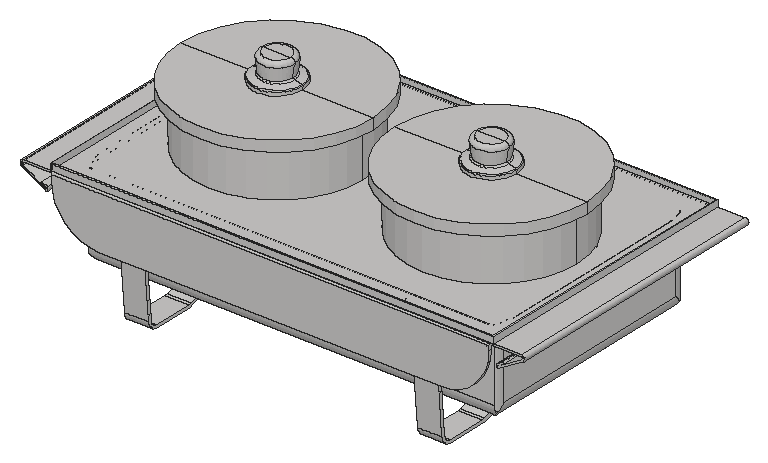
Revit family "QF_BOURGEAT_soupieres", category Equipement spécialisé, Revit 2015
Parameters (values of type "soupieres+support")
  support = yes
  URL catalogue = "http://www.bourgeat.fr"
  URL = ""
  Type de Raccord Electrique = ""
  Type article = ""
  Tension = 230 V
  Spécification du Fabricant = "SOUPIERE MODULO"
  Remarques Electricité = ""
  Puissance électrique  = 700 W
  Profondeur hors tout = 350 mm
  Poids net à vide = 7.00 kg
  Phase = 2
  Modèle = "875006+875000"
  Longueur hors tout = 620 mm
  Intensité nominale = 3.04 A
  Indice de protection = "54"
  Hauteur hors tout = 220 mm
  Fréquence = 50 Hz
  Fabricant = "BOURGEAT"
  Contact SAV = "0033(4).76.32.14.44"
  Charge max = 10.00 kg
Types (3, lengths in mm): name | support | Profondeur hors tout | Modèle | Longueur hors tout
  (no name) | yes | 350 | "875006+875000" | 620
  soupieres_sans_support | no | 345 | "875006" | 545
  soupieres+support | yes | 350 | "875006+875000" | 620
Reference planes
  plane 1 "Centre (avant/arrière)": y = 0
  plane 2: z = 0
  plane 3 "Centre (gauche/droite)": x = 0
  plane 4: x = 132
  plane 5: x = -132
  plane 6: z = 209.5
  plane 7: z = 222.5
  plane 8: z = 209.5
  plane 9: z = 222.5
Forms (mm)
  Revolve 1, solid, material "Acier inoxydable, brossé"
    sketch origin (0, 0, 0) x (1, 0, 0) y (0, 0, 1)
      loop
        line (-132, 209.5) -> (-237.5, 209.5) -> (-237.5, 132.309) -> (-132, 132.309) -> (-132, 209.5)
      axis (-132, 209.5) -> (-132, 132.309)
    angle from 0 to 360
  Revolve 2, solid, material "Acier inoxydable, brossé"
    sketch origin (0, 0, 0) x (1, 0, 0) y (0, 0, 1)
      loop
        line (-13.5, 222.5) -> (-132, 222.5) -> (-132, 209.5) -> (-13.5, 209.5) -> (-13.5, 222.5)
      axis (-132, 222.5) -> (-132, 209.5)
    angle from 0 to 360
  Revolve 3, solid, material "Acier inoxydable, brossé"
    sketch origin (0, 0, 0) x (1, 0, 0) y (0, 0, 1)
      loop
        line (-163, 222.5) -> (-132, 222.5) -> (-132, 253.5) -> (-148.382, 253.5)
        arc (-148.382, 253.5) -> (-152.117, 251.824) -> (-153.349, 247.92) r 5
        line (-153.349, 247.92) -> (-151.53, 232.344)
        arc (-151.53, 232.344) -> (-151.862, 230.988) -> (-152.999, 230.18) r 2
        line (-152.999, 230.18) -> (-162.259, 227.699)
        arc (-162.259, 227.699) -> (-162.793, 227.341) -> (-163, 226.733) r 1
        line (-163, 226.733) -> (-163, 222.5)
      axis (-132, 253.5) -> (-132, 222.5)
    angle from 0 to 360
  Revolve 4, solid, material "Acier inoxydable, brossé"
    sketch origin (0, 0, 0) x (-1, 0, 0) y (0, 0, 1)
      loop
        line (-132, 209.5) -> (-237.5, 209.5) -> (-237.5, 132.309) -> (-132, 132.309) -> (-132, 209.5)
      axis (-132, 209.5) -> (-132, 132.309)
    angle from 0 to 360
  Revolve 5, solid, material "Acier inoxydable, brossé"
    sketch origin (0, 0, 0) x (-1, 0, 0) y (0, 0, 1)
      loop
        line (-13.5, 222.5) -> (-132, 222.5) -> (-132, 209.5) -> (-13.5, 209.5) -> (-13.5, 222.5)
      axis (-132, 222.5) -> (-132, 209.5)
    angle from 0 to 360
  Revolve 6, solid, material "Acier inoxydable, brossé"
    sketch origin (0, 0, 0) x (-1, 0, 0) y (0, 0, 1)
      loop
        line (-163, 222.5) -> (-132, 222.5) -> (-132, 253.5) -> (-148.382, 253.5)
        arc (-148.382, 253.5) -> (-152.117, 251.824) -> (-153.349, 247.92) r 5
        line (-153.349, 247.92) -> (-151.53, 232.344)
        arc (-151.53, 232.344) -> (-151.862, 230.988) -> (-152.999, 230.18) r 2
        line (-152.999, 230.18) -> (-162.259, 227.699)
        arc (-162.259, 227.699) -> (-162.793, 227.341) -> (-163, 226.733) r 1
        line (-163, 226.733) -> (-163, 222.5)
      axis (-132, 253.5) -> (-132, 222.5)
    angle from 0 to 360
  Extrusion 7, solid
    sketch origin (0, 0, 0) x (1, 0, 0) y (0, 1, 0)
      loop
        circle (176.01, -84.447) r 5
    from 37.548 to 40.004
Dimensions and locks
  aligned and locked: level to plane 2
  aligned and locked: nested 1 to nested 2
Nested families
  nested 1: "base_commune_empilable" at (0, 0, 0), visible <- "support", type "base_commune_empilable"
  nested 2: "bac_marmite_a_potage" at (0, 0, 40), type "bac_marmite_a_potage"
Connectors
  electrical at (176.01, -84.447, 37.548), driven by "Tension"
    settings: on Extrusion 7, index 1, voltage 230 V, apparent load 0 VA, apparent load phase1 700 VA, apparent load phase2 0 VA, apparent load phase3 0 VA, power factor 1, load classification "Autre", number of poles 1, system type 30, power factor state 1, is connector primary yes, connector utility no, sub classification motor no, connector description ""
Definition of nested family "base_commune_empilable"
  Reference planes
    plane 1 "Centre (avant/arrière)": y = 0
    plane 2: z = 0
    plane 3 "Centre (gauche/droite)": x = 0
    plane 4: x = 311
    plane 5: x = -311
    plane 6: y = 175.7
    plane 7: y = -175.7
    plane 8: z = 149
    plane 9: z = 147
    plane 10: y = 172.5
    plane 11: y = -172.5
    plane 12: z = 81.5
    plane 13: x = 270
    plane 14: x = -270
    plane 15: x = 175.8
    plane 16: x = -175.8
    plane 17: x = 199.8
    plane 18: x = 151.8
    plane 19: x = -151.8
    plane 20: x = -199.8
    plane 21: x = -151.8
    plane 22: x = -199.8
    plane 23: x = 199.8
    plane 24: x = 151.8
    plane 25: y = 155
    plane 26: y = -155
    plane 27: y = 167.7
    plane 28: y = 167.7
    plane 29: y = -167.7
    plane 30: y = -167.7
    plane 31: x = 257.5
    plane 32: x = -257.5
    plane 33: x = -196
    plane 34: x = 196
  Forms (mm)
    Extrusion 1, solid
      sketch origin (0, 0, 0) x (1, 0, 0) y (0, 0, 1)
        loop
          line (307, 149) -> (-307, 149)
          arc (-307, 149) -> (-310.864, 146.035) -> (-309, 141.536) r 4
          line (-309, 141.536) -> (-280.078, 124.838)
          arc (-280.078, 124.838) -> (-276.8, 125.716) -> (-277.678, 128.995) r 2.4
          line (-277.678, 128.995) -> (-284.26, 132.795) -> (-285.26, 131.063) -> (-278.678, 127.263)
          arc (-278.678, 127.263) -> (-278.532, 126.716) -> (-279.078, 126.57) r 0.4
          line (-279.078, 126.57) -> (-308, 143.268)
          arc (-308, 143.268) -> (-308.932, 145.518) -> (-307, 147) r 2
          line (-307, 147) -> (307, 147)
          arc (307, 147) -> (308.932, 145.518) -> (308, 143.268) r 2
          line (308, 143.268) -> (279.078, 126.57)
          arc (279.078, 126.57) -> (278.532, 126.716) -> (278.678, 127.263) r 0.4
          line (278.678, 127.263) -> (285.26, 131.063) -> (284.26, 132.795) -> (277.678, 128.995)
          arc (277.678, 128.995) -> (276.8, 125.716) -> (280.078, 124.838) r 2.4
          line (280.078, 124.838) -> (309, 141.536)
          arc (309, 141.536) -> (310.864, 146.035) -> (307, 149) r 4
      from -172.5 to 172.5
    Extrusion 2, solid
      sketch origin (0, 0, 0) x (0, 1, 0) y (0, 0, 1)
        loop
          line (-172.5, 149) -> (-173.7, 149)
          arc (-173.7, 149) -> (-175.114, 148.414) -> (-175.7, 147) r 2
          line (-175.7, 147) -> (-175.7, 81.5) -> (-173.514, 81.5) -> (-173.514, 146)
          arc (-173.514, 146) -> (-173.216, 146.712) -> (-172.5, 147) r 1
          line (-172.5, 147) -> (-172.5, 149)
        loop
          line (172.5, 149) -> (172.5, 147)
          arc (172.5, 147) -> (173.216, 146.712) -> (173.514, 146) r 1
          line (173.514, 146) -> (173.514, 81.5) -> (175.7, 81.5) -> (175.7, 147)
          arc (175.7, 147) -> (175.114, 148.414) -> (173.7, 149) r 2
          line (173.7, 149) -> (172.5, 149)
      from -270 to 270
    Extrusion 3, void
      sketch origin (0, 0, 0) x (1, 0, 0) y (0, 0, 1)
        loop
          line (-270, 146) -> (-280.002, 5.251) -> (-162.588, 81.5) -> (-210, 81.5)
          arc (-210, 81.5) -> (-252.426, 99.074) -> (-270, 141.5) r 60
          line (-270, 141.5) -> (-270, 146)
        loop
          line (270, 146) -> (270, 141.5)
          arc (270, 141.5) -> (252.426, 99.074) -> (210, 81.5) r 60
          line (210, 81.5) -> (162.588, 81.5) -> (280.002, 5.251) -> (270, 146)
      from -197.856 to 250
    Extrusion 4, void
      sketch origin (0, 0, 0) x (1, 0, 0) y (0, 1, 0)
        loop
          line (-199.8, 165.7) -> (-199.8, 157)
          arc (-199.8, 157) -> (-200.386, 155.586) -> (-201.8, 155) r 2
          line (-201.8, 155) -> (-217.5, 155)
          arc (-217.5, 155) -> (-245.784, 143.284) -> (-257.5, 115) r 40
          line (-257.5, 115) -> (-257.5, -115)
          arc (-257.5, -115) -> (-245.784, -143.284) -> (-217.5, -155) r 40
          line (-217.5, -155) -> (-201.8, -155)
          arc (-201.8, -155) -> (-200.386, -155.586) -> (-199.8, -157) r 2
          line (-199.8, -157) -> (-199.8, -165.7)
          arc (-199.8, -165.7) -> (-199.214, -167.114) -> (-197.8, -167.7) r 2
          line (-197.8, -167.7) -> (-153.8, -167.7)
          arc (-153.8, -167.7) -> (-152.386, -167.114) -> (-151.8, -165.7) r 2
          line (-151.8, -165.7) -> (-151.8, -157)
          arc (-151.8, -157) -> (-151.214, -155.586) -> (-149.8, -155) r 2
          line (-149.8, -155) -> (149.8, -155)
          arc (149.8, -155) -> (151.214, -155.586) -> (151.8, -157) r 2
          line (151.8, -157) -> (151.8, -165.7)
          arc (151.8, -165.7) -> (152.386, -167.114) -> (153.8, -167.7) r 2
          line (153.8, -167.7) -> (197.8, -167.7)
          arc (197.8, -167.7) -> (199.214, -167.114) -> (199.8, -165.7) r 2
          line (199.8, -165.7) -> (199.8, -157)
          arc (199.8, -157) -> (200.386, -155.586) -> (201.8, -155) r 2
          line (201.8, -155) -> (217.5, -155)
          arc (217.5, -155) -> (245.784, -143.284) -> (257.5, -115) r 40
          line (257.5, -115) -> (257.5, 115)
          arc (257.5, 115) -> (245.784, 143.284) -> (217.5, 155) r 40
          line (217.5, 155) -> (201.8, 155)
          arc (201.8, 155) -> (200.386, 155.586) -> (199.8, 157) r 2
          line (199.8, 157) -> (199.8, 165.7)
          arc (199.8, 165.7) -> (199.214, 167.114) -> (197.8, 167.7) r 2
          line (197.8, 167.7) -> (153.8, 167.7)
          arc (153.8, 167.7) -> (152.386, 167.114) -> (151.8, 165.7) r 2
          line (151.8, 165.7) -> (151.8, 157)
          arc (151.8, 157) -> (151.214, 155.586) -> (149.8, 155) r 2
          line (149.8, 155) -> (-149.8, 155)
          arc (-149.8, 155) -> (-151.214, 155.586) -> (-151.8, 157) r 2
          line (-151.8, 157) -> (-151.8, 165.7)
          arc (-151.8, 165.7) -> (-152.386, 167.114) -> (-153.8, 167.7) r 2
          line (-153.8, 167.7) -> (-197.8, 167.7)
          arc (-197.8, 167.7) -> (-199.214, 167.114) -> (-199.8, 165.7) r 2
      from 0 to 250
  Cuts and joins
    Extrusion 3 cuts Extrusion 2
    Extrusion 4 cuts Extrusion 1
  Dimensions and locks
    plane 6 to plane 7 = 351.4 mm
    plane 5 to plane 4 = 622 mm  (x2)
    plane 7 to plane 6 = 351.4 mm
    plane 10 to plane 1 "Centre (avant/arrière)" to plane 11 = 172.5 mm, 172.5 mm
    plane 5 to plane 33 = 115 mm
    plane 34 to plane 4 = 115 mm
    cut or joined group of Extrusion 1, Extrusion 4 to nested 2 = 1 mm
    aligned and locked: level to plane 2
    aligned and locked: plane 10 to Extrusion 1
    aligned and locked: plane 11 to Extrusion 1
    aligned and locked: Extrusion 2 to plane 12  (x2)
    aligned and locked: plane 14 to Extrusion 2
    aligned and locked: plane 13 to Extrusion 2
    aligned and locked: nested 1 to plane 33
    aligned and locked: nested 2 to plane 34
  Nested families
    nested 1: "bras_du_support" at (-181, 0, 0) x (0, 1, 0) z (0, 0, 1), type "bras_du_support"
    nested 2: "bras_du_support" at (181, 0, 0) x (0, 1, 0) z (0, 0, 1), type "bras_du_support"
  Definition of nested family "bras_du_support"
    Reference planes
      plane 1 "Centre (avant/arrière)": y = 0
      plane 2: z = 0
      plane 3 "Centre (gauche/droite)": x = 0
      plane 4: through (-247.444, -1524, 1281.791) normal (0.9962, 0, 0.0872)
      plane 5: z = 225
      plane 6: through (155.5, -1524, 225) normal (0.9962, 0, -0.0872)
      plane 7: z = 12
      plane 8: through (-64.644, -1524, 12.113) normal (0.3256, 0, -0.9455)
      plane 9: through (64.971, -1524, 12) normal (0.3256, 0, 0.9455)
      plane 10: z = 3
      plane 11: through (148.123, -1524, 175.104) normal (0.9962, 0, -0.0872)
      plane 12: through (-146.325, -1524, 160.421) normal (0.9962, 0, 0.0872)
      plane 13: x = 161.5
      plane 14: x = -161.5
      plane 15: x = 158.5
      plane 16: z = 195
      plane 17: through (161.5, -1524, 195) normal (0.7986, 0, -0.6018)
      plane 18: through (158.5, -1524, 195) normal (0.7986, 0, -0.6018)
      plane 19: x = -158.5
      plane 20: through (-161.5, -1524, 195) normal (0.7986, 0, 0.6018)
      plane 21: through (-158.5, -1524, 195) normal (0.7986, 0, 0.6018)
      plane 22: through (-93.673, -1524, -1.056) normal (-0.3256, 0, 0.9455)
      plane 23: x = -64.997
      plane 24: x = 64.997
      plane 25: through (71.413, -1524, 6.609) normal (0.3256, 0, 0.9455)
      plane 26: z = 8.991
      plane 27: y = 15
      plane 28: y = -15
      plane 29: z = 140
    Forms (mm)
      Extrusion 1, solid
        sketch origin (0, 0, 0) x (1, 0, 0) y (0, 0, 1)
          loop
            line (-170.5, 140) -> (-173.5, 140) -> (-173.5, 112.008)
            arc (-173.5, 112.008) -> (-173.19, 110.104) -> (-172.292, 108.397) r 6
            line (-172.292, 108.397) -> (-163.679, 96.968)
            arc (-163.679, 96.968) -> (-163.275, 96.237) -> (-163.087, 95.424) r 3
            line (-163.087, 95.424) -> (-155.776, 11.867)
            arc (-155.776, 11.867) -> (-151.609, 3.415) -> (-142.826, 0) r 13
            line (-142.826, 0) -> (-92.782, 0)
            arc (-92.782, 0) -> (-90.636, 0.178) -> (-88.55, 0.708) r 13
            line (-88.55, 0.708) -> (-66.077, 8.446)
            arc (-66.077, 8.446) -> (-64.472, 8.854) -> (-62.821, 8.991) r 10
            line (-62.821, 8.991) -> (62.822, 8.991)
            arc (62.822, 8.991) -> (64.472, 8.854) -> (66.078, 8.446) r 10
            line (66.078, 8.446) -> (88.55, 0.708)
            arc (88.55, 0.708) -> (90.637, 0.178) -> (92.783, 0) r 13
            line (92.783, 0) -> (143.339, 0)
            arc (143.339, 0) -> (152.122, 3.415) -> (156.29, 11.867) r 13
            line (156.29, 11.867) -> (163.668, 96.194)
            arc (163.668, 96.194) -> (163.855, 97.008) -> (164.26, 97.738) r 3
            line (164.26, 97.738) -> (172.292, 108.397)
            arc (172.292, 108.397) -> (173.19, 110.104) -> (173.5, 112.008) r 6
            line (173.5, 112.008) -> (173.5, 140) -> (170.5, 140) -> (170.5, 111.004)
            arc (170.5, 111.004) -> (170.345, 110.052) -> (169.896, 109.198) r 3
            line (169.896, 109.198) -> (161.765, 98.408)
            arc (161.765, 98.408) -> (160.955, 96.947) -> (160.58, 95.32) r 6
            line (160.58, 95.32) -> (153.301, 12.128)
            arc (153.301, 12.128) -> (150.095, 5.627) -> (143.339, 3) r 10
            line (143.339, 3) -> (92.783, 3)
            arc (92.783, 3) -> (91.132, 3.137) -> (89.527, 3.545) r 10
            line (89.527, 3.545) -> (67.054, 11.283)
            arc (67.054, 11.283) -> (64.967, 11.813) -> (62.822, 11.991) r 13
            line (62.822, 11.991) -> (-62.827, 11.991)
            arc (-62.827, 11.991) -> (-64.973, 11.813) -> (-67.06, 11.283) r 13
            line (-67.06, 11.283) -> (-89.532, 3.545)
            arc (-89.532, 3.545) -> (-91.138, 3.137) -> (-92.788, 3) r 10
            line (-92.788, 3) -> (-142.826, 3)
            arc (-142.826, 3) -> (-149.582, 5.627) -> (-152.788, 12.128) r 10
            line (-152.788, 12.128) -> (-159.999, 94.549)
            arc (-159.999, 94.549) -> (-160.374, 96.177) -> (-161.184, 97.637) r 6
            line (-161.184, 97.637) -> (-169.896, 109.198)
            arc (-169.896, 109.198) -> (-170.345, 110.052) -> (-170.5, 111.004) r 3
            line (-170.5, 111.004) -> (-170.5, 140)
        from -15 to 15
    Dimensions and locks
      plane 14 to plane 13 = 323 mm
      plane 23 to plane 24 = 129.994 mm
      locked: plane 5 to plane 16 at 30
      angle plane 4 to plane 5 = 85.00°
      angle plane 5 to plane 6 = 85.00°
      angle plane 8 to plane 7 = 161.00°
      angle plane 7 to plane 9 = 161.00°
      aligned and locked: level to plane 2
      aligned and locked: Extrusion 1 sketch curve to plane 26
      aligned and locked: plane 27 to Extrusion 1
      aligned and locked: plane 28 to Extrusion 1
Definition of nested family "bac_marmite_a_potage"
  Reference planes
    plane 1 "Centre (avant/arrière)": y = 0
    plane 2: z = 0
    plane 3 "Centre (gauche/droite)": x = 0
    plane 4: x = 273
    plane 5: x = -273
    plane 6: y = 173
    plane 7: y = -173
    plane 8: z = 117
    plane 9: y = 172
    plane 10: x = 272
    plane 11: y = -172
    plane 12: x = -272
    plane 13: z = 110
    plane 14: x = -253.5
    plane 15: y = -143
    plane 16: y = 143
    plane 17: z = 109
    plane 18: x = 132
    plane 19: x = -132
  Forms (mm)
    Extrusion 1, solid
      sketch origin (0, 0, 0) x (1, 0, 0) y (0, 1, 0)
        loop
          line (-273, 173) -> (-273, -173) -> (273, -173) -> (273, 173) -> (-273, 173)
      from 0 to 117
    Extrusion 2, void
      sketch origin (0, 0, 0) x (1, 0, 0) y (0, 1, 0)
        loop
          line (-272, 172) -> (-272, -172) -> (272, -172) -> (272, 172) -> (-272, 172)
      from 110 to 135.867
    Extrusion 3, void
      sketch origin (0, 0, 0) x (1, 0, 0) y (0, 0, 1)
        loop
          line (-289.458, 109) -> (-289.458, -40) -> (289.458, -40) -> (289.458, 109) -> (257, 109)
          arc (257, 109) -> (254.525, 107.975) -> (253.5, 105.5) r 3.5
          line (253.5, 105.5) -> (253.5, 20)
          arc (253.5, 20) -> (247.642, 5.858) -> (233.5, 0) r 20
          line (233.5, 0) -> (-233.5, 0)
          arc (-233.5, 0) -> (-247.642, 5.858) -> (-253.5, 20) r 20
          line (-253.5, 20) -> (-253.5, 105.5)
          arc (-253.5, 105.5) -> (-254.525, 107.975) -> (-257, 109) r 3.5
          line (-257, 109) -> (-289.458, 109)
      from -309.494 to 250
    Extrusion 4, void
      sketch origin (0, 0, 0) x (0, 1, 0) y (0, 0, 1)
        loop
          line (-190.351, 109) -> (-190.351, -20) -> (190.351, -20) -> (190.351, 109) -> (146.5, 109)
          arc (146.5, 109) -> (144.025, 107.975) -> (143, 105.5) r 3.5
          line (143, 105.5) -> (143, 20)
          arc (143, 20) -> (137.142, 5.858) -> (123, 0) r 20
          line (123, 0) -> (-123, 0)
          arc (-123, 0) -> (-137.142, 5.858) -> (-143, 20) r 20
          line (-143, 20) -> (-143, 105.5)
          arc (-143, 105.5) -> (-144.025, 107.975) -> (-146.5, 109) r 3.5
          line (-146.5, 109) -> (-190.351, 109)
      from -358.259 to 332.42
    Extrusion 5, void
      sketch origin (0, 0, 0) x (1, 0, 0) y (0, 1, 0)
        loop
          arc (-253.5, 132.5) -> (-247.642, 146.642) -> (-233.5, 152.5) r 20
          line (-233.5, 152.5) -> (-226.13, 152.5) -> (-226.13, 182.5) -> (-261.13, 182.5) -> (-261.13, 125.635) -> (-253.5, 125.635) -> (-253.5, 132.5)
      from 0 to 109
    Extrusion 6, void
      sketch origin (0, 0, 0) x (1, 0, 0) y (0, 1, 0)
        loop
          line (-253.5, -132.5) -> (-253.5, -125.635) -> (-261.13, -125.635) -> (-261.13, -182.5) -> (-226.13, -182.5) -> (-226.13, -152.5) -> (-233.5, -152.5)
          arc (-233.5, -152.5) -> (-247.642, -146.642) -> (-253.5, -132.5) r 20
      from 0 to 109
    Extrusion 7, void
      sketch origin (0, 0, 0) x (-1, 0, 0) y (0, -1, 0)
        loop
          line (-253.5, -132.5) -> (-253.5, -125.635) -> (-261.13, -125.635) -> (-261.13, -182.5) -> (-226.13, -182.5) -> (-226.13, -152.5) -> (-233.5, -152.5)
          arc (-233.5, -152.5) -> (-247.642, -146.642) -> (-253.5, -132.5) r 20
      from 0 to 109
    Extrusion 8, void
      sketch origin (0, 0, 0) x (-1, 0, 0) y (0, -1, 0)
        loop
          arc (-253.5, 132.5) -> (-247.642, 146.642) -> (-233.5, 152.5) r 20
          line (-233.5, 152.5) -> (-226.13, 152.5) -> (-226.13, 182.5) -> (-261.13, 182.5) -> (-261.13, 125.635) -> (-253.5, 125.635) -> (-253.5, 132.5)
      from 0 to 109
    Extrusion 9, void
      sketch origin (0, 0, 0) x (1, 0, 0) y (0, 1, 0)
        loop
          circle (-132, 0) r 105.5
        loop
          circle (132, 0) r 105.5
      from 50.483 to 250
  Cuts and joins
    Extrusion 2, Extrusion 3, Extrusion 4, Extrusion 5, Extrusion 6, Extrusion 7, Extrusion 8, Extrusion 9 cuts Extrusion 1
  Dimensions and locks
    plane 5 to plane 4 = 546 mm
    plane 5 to plane 14 = 19.5 mm
    plane 15 to plane 16 = 286 mm
    plane 15 to plane 1 "Centre (avant/arrière)" to plane 16 = 143 mm, 143 mm
    aligned and locked: level to plane 2
    aligned and locked: Extrusion 1 sketch curve to plane 6
    aligned and locked: Extrusion 1 sketch curve to plane 5
    aligned and locked: Extrusion 1 sketch curve to plane 7
    aligned and locked: Extrusion 1 sketch curve to plane 4
    aligned and locked: plane 8 to Extrusion 1
    aligned and locked: Extrusion 2 sketch curve to plane 9
    aligned and locked: Extrusion 2 sketch curve to plane 12
    aligned and locked: Extrusion 2 sketch curve to plane 11
    aligned and locked: Extrusion 2 sketch curve to plane 10
    aligned and locked: Extrusion 2 to plane 13
    aligned and locked: Extrusion 3 sketch curve to Extrusion 3 sketch curve
    aligned and locked: Extrusion 4 sketch curve to Extrusion 4 sketch curve
    aligned and locked: Extrusion 4 sketch curve to plane 16
